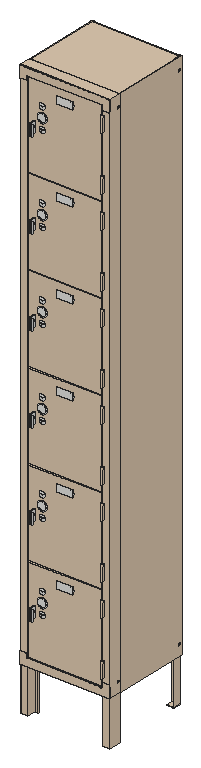
Revit family "Metal_Vented_Lockers-Salsbury_Industries-75000_76000_Series-1_Wide_Units", category Specialty Equipment, Revit 2016
Family settings
  Part Type = Normal
  Round Connector Dimension = Use Diameter
  OmniClass Number = 23.40.00.00
  OmniClass Title = Equipment and Furnishings
  Work Plane-Based = No
  Always vertical = Yes
  Cut with Voids When Loaded = No
  Shared = No
  Room Calculation Point = No
Parameters (values of type "76162 - with Standard 6" High Legs")
  Zee Base Corner - Right Side [instance] = Metal Locker Zee Base Corner : None
  Zee Base Corner - Left Side [instance] = Metal Locker Zee Base Corner : None
  Zee Base - Right Side [instance] = Metal Locker Zee Base-Right Side : None
  Zee Base - Left Side [instance] = Metal Locker Zee Base-Left Side : None
  Zee Base = Metal Locker Zee Base : None
  Width = 12.040"
  Version = "2.0 (01/30/18)"
  Vent Offset = if(Depth = 12.010", 3.250", if(Depth = 15.010", 3.500", if(Depth = 18.010", 3.750", 0.000")))  # 3.250"
  Vent Configuration Height = Vents : 6 foot high vents
  Vent Array Spacing = 1.187"
  Vent Array 2 = if(Depth = 12.010", 5, if(Depth = 15.010", 7, if(Depth = 18.010", 9, 0)))  # 5
  Vent Array 1 = Vent Array 2 + 1  # 6
  Unit Height including Sloping Hood Only [instance] = 78.625"
  Unit Height = 72.000"
  URL = "www.lockers.com"
  Type Comments = "12\" Wide Vented Metal Locker - Box Style Six Tier"
  Total Door(s) Height [instance] = 69.81949"
  Top Door = yes
  Top Compartment Divider = yes
  Sloping Top In-Line Filler - Right Side [instance] = Metal Locker Sloping Top Filler : None
  Sloping Top In-Line Filler - Left Side [instance] = Metal Locker Sloping Top Filler : None
  Sloping Top Corner Filler - Right Side [instance] = Metal Locker Sloping Corner Filler : None
  Sloping Top Corner Filler - Left Side [instance] = Metal Locker Sloping Corner Filler : None
  Sloping Hood Height = if(Depth = 12.010", 6.625", if(Depth = 15.010", 8.682", if(Depth = 18.010", 10.739", 0.000")))  # 6.625"
  Sloping Hood [instance] = Metal Locker Sloping Hood : None
  Right Side Base [instance] = Metal Locker Right Side Base : None
  Primary Structure Material [instance] = Steel - Salsbury Finish = Tan
  Overall Width including Rivets [instance] = 12.120"
  Unit Height including Base Only [instance] = 78.000"
  Overall Unit Height (including Base and Sloping Hood) [instance] = 84.625"
  OmniClass 23 Title = "Equipment and Furnishings"
  OmniClass 23 Number = "23.40.00.00"
  Model = "76162"
  MasterFormat Title = "Lockers"
  MasterFormat Number = "10 51 13"
  Manufacturer = "Salsbury Industries"
  Left Side Base [instance] = Metal Locker Left Side Base : None
  Individual Door Height = 11.534"
  Hasp Plate Rivet Material = Steel -Salsbury Finish =  Polished Steel
  Hasp Handle Material = Plastic - Salsbury Finish - Black
  Front Vertical Filler - Right [instance] = Metal Locker Front Filler : None
  Front Vertical Filler - Left [instance] = Metal Locker Front Filler : None
  Front Base [instance] = Metal Locker Front Base : None
  Flat Top In-Line Filler - Right Side [instance] = Metal Locker Flat Top Filler : None
  Flat Top In-Line Filler - Left Side [instance] = Metal Locker Flat Top Filler : None
  Flat Top Corner Filler - Right Side [instance] = Metal Locker Flat Corner Filler : None
  Flat Top Corner Filler - Left Side [instance] = Metal Locker Flat Corner Filler : None
  Individual Door Width [instance] = 9.90055"
  End Panel - Right Side [instance] = Metal Locker End Panel : None
  End Panel - Left Side [instance] = Metal Locker End Panel : None
  Door Location D1 = Vented Metal Locker Doors-12 inch with Latch Hasps : Six Tier Door - 6 foot
  Description = "1 Wide - 6 Feet High - 12 Inches Deep"
  Depth = 12.010"
  Compartment Divider Height = Individual Door Height - 0.375"  # 11.159"
  Base Height = 6.000"
  Standard Leg Base = Metal Locker Legs : 6" High - 12" W x 12" D
  Assembly Code = "C1030310"
Reference planes (in)
  plane 1 "Center (Front/Back)": y = 0
  plane 2: z = 0
  plane 3 "Center (Left/Right)": x = 0
  plane 4 "Floor": z = 0
  plane 5 "Bottom of Unit": z = 6
  plane 6 "Top of Unit": z = 78
  plane 7 "Left Side of Unit": x = -6.02
  plane 8 "Right Side of Unit": x = 6.02
  plane 9 "Back of Unit": y = 6.005
  plane 10 "Front of Unit": y = -6.005
  plane 11 "Top of Sloping Hood": z = 84.625
  plane 12 "Left Rivet": x = -6.06
  plane 13 "Right Rivet": x = 6.06
  plane 14 "Right Side of Door Opening": x = 5.02
  plane 15 "Left Side of Door Opening": x = -5.02
  plane 16 "Top of Door Opening": z = 77
  plane 17 "Bottom of Door Opening": z = 7
  plane 18 "Back Edge of Front Facing": y = -4.417
  plane 19 "Front Plate Plane": y = -6.065
  plane 20 "Horizontal Center of Top Rivets": z = 76.5
  plane 21 "Horiz Center of Bottom Rivets": z = 7.5
  plane 22 "Vertical Center of Back Rivets": y = 5.505
  plane 23 "Vertical Center of Front Rivets": y = -4.755
  plane 24 "Right Align Top Filler Overlap": x = 5.435
  plane 25 "Left Align Top Filler Overlap": x = -5.435
  plane 26 "Corner Filler Align-Left": x = -6.08
  plane 27 "Corner Filler Align-Right": x = 6.08
  plane 28 "Left Side of Door": x = -4.95029
  plane 29 "Right Side of Door": x = 4.95026
  plane 30 "Top of Door 1": z = 76.90976
  plane 31 "Bottom of Bottom Door": z = 7.09027
  plane 32 "Zee Base Offset": x = -5.669
  plane 33: x = 5.669
  plane 34 "Compartment Align 3": z = 19.159
  plane 35: x = -5.96
  plane 36: x = 5.96
  plane 37: x = -5.635
  plane 38: x = 5.635
  plane 39: y = 5.945
  plane 40: y = 5.895
  plane 41: y = 5.145
  plane 42: x = -5.9
  plane 43: x = 5.9
  plane 44: x = -5.095
  plane 45: x = 5.095
  plane 46: z = 77.94
  plane 47: z = 19.099
  plane 48: z = 18.159
  plane 49: z = 6.9204
  plane 50: z = 6.18539
  plane 51: z = 76.40796
  plane 52: z = 7.59204
  plane 53: z = 18.159
  plane 54: z = 18.62427
  plane 55: z = 18.74976
  plane 56: z = 30.28376
  plane 57: z = 30.40876
  plane 58: z = 29.78327
  plane 59: z = 30.72327
  plane 60 "Compartment Align 2": z = 30.78327
  plane 61: z = 53.72076
  plane 62: z = 41.94276
  plane 63: z = 42.06776
  plane 64: z = 41.44276
  plane 65: z = 42.38276
  plane 66 "Compartment Align 1": z = 42.44276
  plane 67: z = 71.20625
  plane 68: z = 53.60176
  plane 69: z = 53.72676
  plane 70: z = 65.26076
  plane 71: z = 65.38576
  plane 72: z = 53.10176
  plane 73: z = 54.04176
  plane 74: z = 54.10176
  plane 75: z = 64.76076
  plane 76: z = 65.70076
  plane 77: z = 65.76076
  plane 78: z = 82.86525
  plane 79: z = 94.52425
  plane 80 "Front Vent Align": y = -2.755
  plane 81: y = -2.385
  plane 82: y = -1.791
  plane 83 "Top Vent Align": z = 73.562
  plane 84: z = 72.81
  plane 85: z = 71.97
Forms (in)
  Sweep 1, solid, material "Steel - Salsbury Finish = Tan" <- "Primary Structure Material"
    path origin (0, -6.005, 0) x (1, 0, 0) y (0, 0, 1)
      loop
        line (-6.02, 78) -> (-6.02, 6) -> (6.02, 6) -> (6.02, 78) -> (-6.02, 78)
    profile origin (0, -6.005, 78) x (0, 0, 1) y (0, -1, 0)
      loop
        line (0, 0) -> (-1, 0) -> (-1, -1.588) -> (0, -1.588) -> (0, 0)
  Extrusion 2, solid, material "Steel - Salsbury Finish = Tan" <- "Primary Structure Material"
    sketch origin (0, 0, 6) x (0, -1, 0) y (1, 0, 0)
      loop
        line (4.417, 6.02) -> (-6.005, 6.02) -> (-6.005, 5.635) -> (-5.945, 5.635) -> (-5.945, 5.96) -> (4.417, 5.96) -> (4.417, 6.02)
    from 0 to 72
  Extrusion 3, solid, material "Steel - Salsbury Finish = Tan" <- "Primary Structure Material"
    sketch origin (0, 0, 6) x (0, -1, 0) y (1, 0, 0)
      loop
        line (4.417, -6.02) -> (4.417, -5.96) -> (-5.945, -5.96) -> (-5.945, -5.635) -> (-6.005, -5.635) -> (-6.005, -6.02) -> (4.417, -6.02)
    from 0 to 72
  Extrusion 4, solid, material "Steel - Salsbury Finish = Tan" <- "Primary Structure Material"
    sketch origin (0, 0, 6) x (0, -1, 0) y (1, 0, 0)
      loop
        line (-5.945, -5.96) -> (-5.145, -5.96) -> (-5.145, -5.9) -> (-5.895, -5.9) -> (-5.895, 5.9) -> (-5.145, 5.9) -> (-5.145, 5.96) -> (-5.945, 5.96) -> (-5.945, -5.96)
    from 0 to 72
  Sweep 5, solid, material "Steel - Salsbury Finish = Tan" <- "Primary Structure Material"
    path origin (0, 0, 7) x (0, -1, 0) y (1, 0, 0)
      loop
        line (4.417, -5.96) -> (4.417, 5.96) -> (-5.145, 5.96) -> (-5.145, 5.9) -> (-5.895, 5.9) -> (-5.895, -5.9) -> (-5.145, -5.9) -> (-5.145, -5.96) -> (4.417, -5.96)
    profile origin (-5.96, 0.364, 7) x (-1, 0, 0) y (0, 0, 1)
      loop
        line (0, -0.81461) -> (0, -0.0796) -> (-0.06, -0.0796) -> (-0.06, -0.81461) -> (0, -0.81461)
  Extrusion 6, solid, material "Steel - Salsbury Finish = Tan" <- "Primary Structure Material"
    sketch origin (0, 0, 7) x (0, -1, 0) y (1, 0, 0)
      loop
        line (-5.895, -5.9) -> (-5.145, -5.9) -> (-5.145, -5.96) -> (4.417, -5.96) -> (4.417, 5.96) -> (-5.145, 5.96) -> (-5.145, 5.9) -> (-5.895, 5.9) -> (-5.895, -5.9)
    from -0.0796 to 0
  Extrusion 7, solid, material "Steel - Salsbury Finish = Tan" <- "Primary Structure Material"
    sketch origin (0, 0, 78) x (0, -1, 0) y (1, 0, 0)
      loop
        line (-5.895, -5.9) -> (-5.145, -5.9) -> (-5.145, -5.96) -> (4.417, -5.96) -> (4.417, 5.96) -> (-5.145, 5.96) -> (-5.145, 5.9) -> (-5.895, 5.9) -> (-5.895, -5.9)
    from -0.06 to 0
  Extrusion 8, solid, material "Steel - Salsbury Finish = Tan" <- "Primary Structure Material"
    sketch origin (0, -6.065, 0) x (0, 0, -1) y (1, 0, 0)
      loop
        line (-78, -6.02) -> (-76.47656, -6.02)
        arc (-76.47656, -6.02) -> (-76.42806, -5.99991) -> (-76.40796, -5.9514) r 0.0686
        line (-76.40796, -5.9514) -> (-76.40796, -5.16351)
        arc (-76.40796, -5.16351) -> (-76.42809, -5.11506) -> (-76.47656, -5.095) r 0.0686
        line (-76.47656, -5.095) -> (-77, -5.095) -> (-77, 5.095) -> (-76.47656, 5.095)
        arc (-76.47656, 5.095) -> (-76.42809, 5.11506) -> (-76.40796, 5.16351) r 0.0686
        line (-76.40796, 5.16351) -> (-76.40796, 5.9514)
        arc (-76.40796, 5.9514) -> (-76.42806, 5.99991) -> (-76.47656, 6.02) r 0.0686
        line (-76.47656, 6.02) -> (-78, 6.02) -> (-78, -6.02)
    from -0.06 to 0
  Extrusion 9, solid, material "Steel - Salsbury Finish = Tan" <- "Primary Structure Material"
    sketch origin (0, -6.065, 84) x (0, 0, 1) y (-1, 0, 0)
      loop
        line (-78, 6.02) -> (-78, -6.02) -> (-76.47656, -6.02)
        arc (-76.47656, -6.02) -> (-76.42806, -5.99991) -> (-76.40796, -5.9514) r 0.0686
        line (-76.40796, -5.9514) -> (-76.40796, -5.16351)
        arc (-76.40796, -5.16351) -> (-76.42809, -5.11506) -> (-76.47656, -5.095) r 0.0686
        line (-76.47656, -5.095) -> (-77, -5.095) -> (-77, 5.095) -> (-76.47656, 5.095)
        arc (-76.47656, 5.095) -> (-76.42809, 5.11506) -> (-76.40796, 5.16351) r 0.0686
        line (-76.40796, 5.16351) -> (-76.40796, 5.9514)
        arc (-76.40796, 5.9514) -> (-76.42806, 5.99991) -> (-76.47656, 6.02) r 0.0686
        line (-76.47656, 6.02) -> (-78, 6.02)
    from -0.06 to 0
  Blend 10, solid, material "Steel -Salsbury Finish =  Polished Steel" <- "Hasp Plate Rivet Material"
    base sketch origin (6.02, 0, 0) x (0, 0, -1) y (0, -1, 0)
      loop
        circle (-76.5, 4.755) r 0.187
    top sketch origin (6.02, 0, 0) x (0, 0, -1) y (0, -1, 0)
      loop
        circle (-76.5, 4.755) r 0.05319
    from 0 to -0.04
  Blend 11, solid, material "Steel -Salsbury Finish =  Polished Steel" <- "Hasp Plate Rivet Material"
    base sketch origin (6.02, 0, -69) x (0, 0, -1) y (0, -1, 0)
      loop
        circle (-76.5, 4.755) r 0.187
    top sketch origin (6.02, 0, -69) x (0, 0, -1) y (0, -1, 0)
      loop
        circle (-76.5, 4.755) r 0.05319
    from 0 to -0.04
  Blend 12, solid, material "Steel -Salsbury Finish =  Polished Steel" <- "Hasp Plate Rivet Material"
    base sketch origin (6.02, 10.26, -69) x (0, 0, -1) y (0, -1, 0)
      loop
        circle (-76.5, 4.755) r 0.187
    top sketch origin (6.02, 10.26, -69) x (0, 0, -1) y (0, -1, 0)
      loop
        circle (-76.5, 4.755) r 0.05319
    from 0 to -0.04
  Blend 13, solid, material "Steel -Salsbury Finish =  Polished Steel" <- "Hasp Plate Rivet Material"
    base sketch origin (6.02, 10.26, 0.0043) x (0, 0, -1) y (0, -1, 0)
      loop
        circle (-76.5, 4.755) r 0.187
    top sketch origin (6.02, 10.26, 0.0043) x (0, 0, -1) y (0, -1, 0)
      loop
        circle (-76.5, 4.755) r 0.05319
    from 0 to -0.04
  Blend 14, solid, material "Steel -Salsbury Finish =  Polished Steel" <- "Hasp Plate Rivet Material"
    base sketch origin (-6.02, 0, -69) x (0, 0, -1) y (0, 1, 0)
      loop
        circle (-76.5, -4.755) r 0.187
    top sketch origin (-6.02, 0, -69) x (0, 0, -1) y (0, 1, 0)
      loop
        circle (-76.5, -4.755) r 0.05319
    from 0 to -0.04
  Blend 15, solid, material "Steel -Salsbury Finish =  Polished Steel" <- "Hasp Plate Rivet Material"
    base sketch origin (-6.02, 10.26, -69) x (0, 0, -1) y (0, 1, 0)
      loop
        circle (-76.5, -4.755) r 0.187
    top sketch origin (-6.02, 10.26, -69) x (0, 0, -1) y (0, 1, 0)
      loop
        circle (-76.5, -4.755) r 0.05319
    from 0 to -0.04
  Blend 16, solid, material "Steel -Salsbury Finish =  Polished Steel" <- "Hasp Plate Rivet Material"
    base sketch origin (-6.02, 0, 0) x (0, 0, -1) y (0, 1, 0)
      loop
        circle (-76.5, -4.755) r 0.187
    top sketch origin (-6.02, 0, 0) x (0, 0, -1) y (0, 1, 0)
      loop
        circle (-76.5, -4.755) r 0.05319
    from 0 to -0.04
  Blend 17, solid, material "Steel -Salsbury Finish =  Polished Steel" <- "Hasp Plate Rivet Material"
    base sketch origin (-6.02, 10.26, 0.00039) x (0, 0, -1) y (0, 1, 0)
      loop
        circle (-76.5, -4.755) r 0.187
    top sketch origin (-6.02, 10.26, 0.00039) x (0, 0, -1) y (0, 1, 0)
      loop
        circle (-76.5, -4.755) r 0.05319
    from 0 to -0.04
  Extrusion 18, solid, material "Steel - Salsbury Finish = Tan" <- "Primary Structure Material"
    sketch origin (0, 0, 19.159) x (0, -1, 0) y (1, 0, 0)
      loop
        line (-5.895, -5.9) -> (-5.145, -5.9) -> (-5.145, -5.96) -> (4.417, -5.96) -> (4.417, 5.96) -> (-5.145, 5.96) -> (-5.145, 5.9) -> (-5.895, 5.9) -> (-5.895, -5.9)
    from -0.06 to 0
  Sweep 19, solid, material "Steel - Salsbury Finish = Tan" <- "Primary Structure Material"
    path origin (0, 0, 19.159) x (0, -1, 0) y (1, 0, 0)
      loop
        line (4.417, -5.96) -> (4.417, 5.96) -> (-5.145, 5.96) -> (-5.145, 5.9) -> (-5.895, 5.9) -> (-5.895, -5.9) -> (-5.145, -5.9) -> (-5.145, -5.96) -> (4.417, -5.96)
    profile origin (-5.96, 0.364, 19.159) x (-1, 0, 0) y (0, 0, 1)
      loop
        line (0, -1) -> (0, -0.06) -> (-0.06, -0.06) -> (-0.06, -1) -> (0, -1)
  Extrusion 20, solid, material "Steel - Salsbury Finish = Tan" <- "Primary Structure Material"
    sketch origin (0, 0, 54.72076) x (0, -1, 0) y (1, 0, 0)
      loop
        line (-5.895, -5.9) -> (-5.145, -5.9) -> (-5.145, -5.96) -> (4.417, -5.96) -> (4.417, 5.96) -> (-5.145, 5.96) -> (-5.145, 5.9) -> (-5.895, 5.9) -> (-5.895, -5.9)
    from -23.99749 to -23.93749
  Sweep 21, solid, material "Steel - Salsbury Finish = Tan" <- "Primary Structure Material"
    path origin (0, 0, 30.78327) x (0, -1, 0) y (1, 0, 0)
      loop
        line (4.417, -5.96) -> (4.417, 5.96) -> (-5.145, 5.96) -> (-5.145, 5.9) -> (-5.895, 5.9) -> (-5.895, -5.9) -> (-5.145, -5.9) -> (-5.145, -5.96) -> (4.417, -5.96)
    profile origin (-5.96, 0.364, 30.78327) x (-1, 0, 0) y (0, 0, 1)
      loop
        line (0, -1) -> (0, -0.06) -> (-0.06, -0.06) -> (-0.06, -1) -> (0, -1)
  Extrusion 22, solid, material "Steel - Salsbury Finish = Tan" <- "Primary Structure Material"
    sketch origin (0, 0, 42.44276) x (0, -1, 0) y (1, 0, 0)
      loop
        line (-5.895, -5.9) -> (-5.145, -5.9) -> (-5.145, -5.96) -> (4.417, -5.96) -> (4.417, 5.96) -> (-5.145, 5.96) -> (-5.145, 5.9) -> (-5.895, 5.9) -> (-5.895, -5.9)
    from -0.06 to 0
  Sweep 23, solid, material "Steel - Salsbury Finish = Tan" <- "Primary Structure Material"
    path origin (0, 0, 42.44276) x (0, -1, 0) y (1, 0, 0)
      loop
        line (4.417, -5.96) -> (4.417, 5.96) -> (-5.145, 5.96) -> (-5.145, 5.9) -> (-5.895, 5.9) -> (-5.895, -5.9) -> (-5.145, -5.9) -> (-5.145, -5.96) -> (4.417, -5.96)
    profile origin (-5.96, 0.364, 42.44276) x (-1, 0, 0) y (0, 0, 1)
      loop
        line (0, -1) -> (0, -0.06) -> (-0.06, -0.06) -> (-0.06, -1) -> (0, -1)
  Extrusion 24, solid, material "Steel - Salsbury Finish = Tan" <- "Primary Structure Material"
    sketch origin (0, 0, 54.10176) x (0, -1, 0) y (1, 0, 0)
      loop
        line (-5.895, -5.9) -> (-5.145, -5.9) -> (-5.145, -5.96) -> (4.417, -5.96) -> (4.417, 5.96) -> (-5.145, 5.96) -> (-5.145, 5.9) -> (-5.895, 5.9) -> (-5.895, -5.9)
    from -0.06 to 0
  Sweep 25, solid, material "Steel - Salsbury Finish = Tan" <- "Primary Structure Material"
    path origin (0, 0, 54.10176) x (0, -1, 0) y (1, 0, 0)
      loop
        line (4.417, -5.96) -> (4.417, 5.96) -> (-5.145, 5.96) -> (-5.145, 5.9) -> (-5.895, 5.9) -> (-5.895, -5.9) -> (-5.145, -5.9) -> (-5.145, -5.96) -> (4.417, -5.96)
    profile origin (-5.96, 0.364, 54.10176) x (-1, 0, 0) y (0, 0, 1)
      loop
        line (0, -1) -> (0, -0.06) -> (-0.06, -0.06) -> (-0.06, -1) -> (0, -1)
  Extrusion 26, solid, material "Steel - Salsbury Finish = Tan" <- "Primary Structure Material", visible <- "Top Compartment Divider"
    sketch origin (0, 0, 65.76076) x (0, -1, 0) y (1, 0, 0)
      loop
        line (-5.895, -5.9) -> (-5.145, -5.9) -> (-5.145, -5.96) -> (4.417, -5.96) -> (4.417, 5.96) -> (-5.145, 5.96) -> (-5.145, 5.9) -> (-5.895, 5.9) -> (-5.895, -5.9)
    from -0.06 to 0
  Sweep 27, solid, material "Steel - Salsbury Finish = Tan" <- "Primary Structure Material", visible <- "Top Compartment Divider"
    path origin (0, 0, 65.76076) x (0, -1, 0) y (1, 0, 0)
      loop
        line (4.417, -5.96) -> (4.417, 5.96) -> (-5.145, 5.96) -> (-5.145, 5.9) -> (-5.895, 5.9) -> (-5.895, -5.9) -> (-5.145, -5.9) -> (-5.145, -5.96) -> (4.417, -5.96)
    profile origin (-5.96, 0.364, 65.76076) x (-1, 0, 0) y (0, 0, 1)
      loop
        line (0, -1) -> (0, -0.06) -> (-0.06, -0.06) -> (-0.06, -1) -> (0, -1)
Lines and regions (in)
  reference lines
    curve 1: line (-29.59242, -6.065, 78) -> (36.15758, -6.065, 78)
  symbolic lines
    curve 2: line (-6.02, 6.005, 78) -> (6.02, 6.005, 78)
    curve 3: line (-6.02, -6.065, 78) -> (-6.02, 6.005, 78)
    curve 4: line (6.02, -6.065, 78) -> (-6.02, -6.065, 78)
    curve 5: line (6.02, 6.005, 78) -> (6.02, -6.065, 78)
    curve 6: line (-6.06, -4.80819, 78) -> (-6.02, -4.91809, 78)
    curve 7: line (-6.02, -4.58043, 78) -> (-6.06, -4.70181, 78)
    curve 8: line (-6.06, -4.80819, 78) -> (-6.06, -4.70181, 78)
    curve 9: line (-6.06, 5.45181, 78) -> (-6.02, 5.31077, 78)
    curve 10: line (-6.06, 5.55819, 78) -> (-6.02, 5.68474, 78)
    curve 11: line (-6.06, 5.55819, 78) -> (-6.06, 5.45181, 78)
    curve 12: line (6.06, 5.55819, 78) -> (6.02, 5.70747, 78)
    curve 13: line (6.06, 5.45181, 78) -> (6.02, 5.3179, 78)
    curve 14: line (6.06, 5.55819, 78) -> (6.06, 5.45181, 78)
    curve 15: line (6.06, -4.70181, 78) -> (6.02, -4.57098, 78)
    curve 16: line (6.06, -4.80819, 78) -> (6.02, -4.94769, 78)
    curve 17: line (6.06, -4.70181, 78) -> (6.06, -4.80819, 78)
Dimensions and locks (in)
  equal spacing: plane 7 "Left Side of Unit", plane 3 "Center (Left/Right)", plane 8 "Right Side of Unit"
  "Width": plane 7 "Left Side of Unit" to plane 8 "Right Side of Unit"
  "Base Height": plane 5 "Bottom of Unit" to plane 4 "Floor"
  "Unit Height": plane 6 "Top of Unit" to plane 5 "Bottom of Unit"
  "Unit Height including Base Only": plane 6 "Top of Unit" to plane 4 "Floor"
  equal spacing: plane 10 "Front of Unit", plane 1 "Center (Front/Back)", plane 9 "Back of Unit"
  "Depth": plane 10 "Front of Unit" to plane 9 "Back of Unit"
  "Sloping Hood Height": plane 11 "Top of Sloping Hood" to plane 6 "Top of Unit"
  "Overall Unit Height (including Base and Sloping Hood)": plane 11 "Top of Sloping Hood" to plane 4 "Floor"
  locked: plane 12 "Left Rivet" to plane 7 "Left Side of Unit" at 0.04
  locked: plane 8 "Right Side of Unit" to plane 13 "Right Rivet" at 0.04
  "Overall Width including Rivets": plane 12 "Left Rivet" to plane 13 "Right Rivet"
  plane 6 "Top of Unit" to plane 16 "Top of Door Opening" to plane 30 "Top of Door 1" to plane 51 = 1.000" locked, 0.09024", 0.5018"
  plane 52 to plane 31 "Bottom of Bottom Door" to plane 17 "Bottom of Door Opening" to plane 5 "Bottom of Unit" = 0.50177", 0.09027", 1.000" locked
  plane 7 "Left Side of Unit" to plane 15 "Left Side of Door Opening" to plane 28 "Left Side of Door" = 1.000" locked, 0.06971"
  plane 29 "Right Side of Door" to plane 14 "Right Side of Door Opening" to plane 8 "Right Side of Unit" = 0.06974", 1.000" locked
  plane 19 "Front Plate Plane" to plane 10 "Front of Unit" to plane 18 "Back Edge of Front Facing" = 0.060" locked, 1.588" locked
  "Unit Height including Sloping Hood Only": plane 11 "Top of Sloping Hood" to plane 5 "Bottom of Unit"
  locked: plane 20 "Horizontal Center of Top Rivets" to plane 6 "Top of Unit" at 1.5
  locked: plane 5 "Bottom of Unit" to plane 21 "Horiz Center of Bottom Rivets" at 1.5
  locked: plane 22 "Vertical Center of Back Rivets" to plane 9 "Back of Unit" at 0.5
  locked: plane 10 "Front of Unit" to plane 23 "Vertical Center of Front Rivets" at 1.25
  locked: plane 24 "Right Align Top Filler Overlap" to plane 13 "Right Rivet" at 0.625
  locked: plane 12 "Left Rivet" to plane 25 "Left Align Top Filler Overlap" at 0.625
  locked: plane 8 "Right Side of Unit" to plane 27 "Corner Filler Align-Right" at 0.06
  locked: plane 26 "Corner Filler Align-Left" to plane 7 "Left Side of Unit" at 0.06
  "Individual Door Width": plane 28 "Left Side of Door" to plane 29 "Right Side of Door"
  "Total Door(s) Height": plane 30 "Top of Door 1" to plane 31 "Bottom of Bottom Door"
  plane 7 "Left Side of Unit" to plane 32 "Zee Base Offset" = 0.351"
  plane 33 to plane 8 "Right Side of Unit" = 0.351"
  plane 34 "Compartment Align 3" to plane 47 to plane 53 = 0.060" locked, 0.940" locked
  plane 7 "Left Side of Unit" to plane 35 to plane 42 to plane 37 = 0.060" locked, 0.060" locked, 0.265" locked
  plane 38 to plane 43 to plane 36 to plane 8 "Right Side of Unit" = 0.265" locked, 0.060", 0.060"
  plane 41 to plane 40 to plane 39 to plane 9 "Back of Unit" = 0.750" locked, 0.050", 0.060"
  locked: plane 7 "Left Side of Unit" to plane 44 at 0.925
  locked: plane 45 to plane 8 "Right Side of Unit" at 0.925
  locked: plane 6 "Top of Unit" to plane 46 at 0.06
  plane 47 to plane 48 = 0.940"
  locked: plane 17 "Bottom of Door Opening" to plane 49 at 0.0796
  plane 49 to plane 50 = 0.73501"
  "Compartment Divider Height": plane 53 to plane 17 "Bottom of Door Opening"
  "Individual Door Height": plane 54 to plane 31 "Bottom of Bottom Door"
  locked: plane 55 to plane 54 at 0.12549
  locked: plane 57 to plane 56 at 0.125
  "Individual Door Height": plane 56 to plane 55
  plane 60 "Compartment Align 2" to plane 59 to plane 58 = 0.060" locked, 0.940" locked
  locked: plane 63 to plane 62 at 0.125
  "Individual Door Height": plane 62 to plane 57
  "Compartment Divider Height": plane 58 to plane 54
  "Compartment Divider Height": plane 64 to plane 56
  plane 66 "Compartment Align 1" to plane 65 to plane 64 = 0.060", 0.940"
  locked: plane 69 to plane 68 at 0.125
  locked: plane 71 to plane 70 at 0.125
  "Individual Door Height": plane 68 to plane 63
  "Individual Door Height": plane 70 to plane 69
  "Compartment Divider Height": plane 72 to plane 62
  "Compartment Divider Height": plane 75 to plane 68
  plane 74 to plane 73 to plane 72 = 0.060" locked, 0.940" locked
  plane 77 to plane 76 to plane 75 = 0.060" locked, 0.940" locked
  "Vent Offset": plane 10 "Front of Unit" to plane 80 "Front Vent Align"
  plane 83 "Top Vent Align" to plane 6 "Top of Unit" = 4.438"
  plane 85 to plane 84 to plane 83 "Top Vent Align" = 0.840", 0.752"
  plane 80 "Front Vent Align" to plane 81 to plane 82 = 0.370" locked, 0.594" locked
  equal spacing: group 1, group 2, group 3, group 4, group 5, group 6  (x3)
  equal spacing: group 7, group 8, group 9, group 10, group 11  (x3)
  "Vent Array Spacing": nested 29 to nested 31
  "Vent Array Spacing": nested 30 to nested 36
  equal spacing: group 12, group 13, group 14, group 15, group 16, group 22  (x3)
  equal spacing: group 17, group 18, group 19, group 20, group 21  (x3)
  "Vent Array Spacing": nested 42 to nested 40
  "Vent Array Spacing": nested 46 to nested 41
  aligned and locked: level to plane 2
  aligned and locked: Extrusion 2 to plane 6 "Top of Unit"
  aligned and locked: Extrusion 3 to plane 6 "Top of Unit"
  aligned and locked: Extrusion 4 to plane 6 "Top of Unit"
  aligned and locked: Extrusion 8 to plane 10 "Front of Unit"
  aligned and locked: Extrusion 9 to plane 10 "Front of Unit"
  aligned and locked: Extrusion 6 to plane 17 "Bottom of Door Opening"
  aligned and locked: plane 4 "Floor" to nested 2
  aligned and locked: plane 5 "Bottom of Unit" to Extrusion 9
  aligned and locked: plane 8 "Right Side of Unit" to nested 6
  aligned and locked: plane 7 "Left Side of Unit" to nested 7
  aligned and locked: Blend 10 to plane 13 "Right Rivet"
  aligned and locked: plane 8 "Right Side of Unit" to Blend 10
  aligned and locked: Blend 15 to plane 7 "Left Side of Unit"
  aligned and locked: Blend 14 to plane 7 "Left Side of Unit"  (x2)
  aligned and locked: plane 12 "Left Rivet" to Blend 14
  aligned and locked: plane 12 "Left Rivet" to Blend 15
  aligned and locked: Blend 14 to plane 12 "Left Rivet"
  aligned and locked: Blend 17 to plane 7 "Left Side of Unit"
  aligned and locked: plane 12 "Left Rivet" to Blend 17
  aligned and locked: Blend 16 to plane 7 "Left Side of Unit"
  aligned and locked: plane 12 "Left Rivet" to Blend 16
  aligned and locked: plane 5 "Bottom of Unit" to nested 10
  aligned and locked: plane 13 "Right Rivet" to nested 10
  aligned and locked: plane 12 "Left Rivet" to nested 11
  aligned and locked: nested 11 to plane 10 "Front of Unit"
  aligned and locked: plane 13 "Right Rivet" to nested 12
  aligned and locked: plane 10 "Front of Unit" to nested 12
  aligned and locked: plane 6 "Top of Unit" to nested 12
  aligned and locked: plane 12 "Left Rivet" to nested 13
  aligned and locked: plane 10 "Front of Unit" to nested 13
  aligned and locked: plane 6 "Top of Unit" to nested 13
  aligned and locked: plane 6 "Top of Unit" to nested 14
  aligned and locked: nested 14 to plane 19 "Front Plate Plane"
  aligned and locked: nested 14 to plane 24 "Right Align Top Filler Overlap"
  aligned and locked: nested 15 to plane 25 "Left Align Top Filler Overlap"
  aligned and locked: nested 15 to plane 19 "Front Plate Plane"
  aligned and locked: nested 10 to nested 15
  aligned and locked: plane 19 "Front Plate Plane" to nested 16
  aligned and locked: plane 6 "Top of Unit" to nested 16
  aligned and locked: nested 17 to plane 6 "Top of Unit"
  aligned and locked: nested 17 to plane 19 "Front Plate Plane"
  aligned and locked: plane 19 "Front Plate Plane" to nested 18
  aligned and locked: nested 19 to plane 24 "Right Align Top Filler Overlap"
  aligned and locked: nested 19 to plane 19 "Front Plate Plane"
  aligned and locked: plane 16 "Top of Door Opening" to nested 19
  aligned and locked: nested 20 to plane 16 "Top of Door Opening"
  aligned and locked: nested 20 to plane 25 "Left Align Top Filler Overlap"
  aligned and locked: nested 20 to plane 19 "Front Plate Plane"
  aligned and locked: nested 11 to plane 6 "Top of Unit"
  aligned and locked: plane 10 "Front of Unit" to nested 10
  aligned and locked: plane 10 "Front of Unit" to nested 23
  aligned and locked: plane 10 "Front of Unit" to nested 1
  aligned and locked: plane 10 "Front of Unit" to nested 2
  aligned and locked: plane 6 "Top of Unit" to nested 18
  aligned and locked: plane 7 "Left Side of Unit" to nested 17
  aligned and locked: plane 32 "Zee Base Offset" to nested 9
  aligned and locked: plane 18 "Back Edge of Front Facing" to nested 9
  aligned and locked: nested 8 to plane 18 "Back Edge of Front Facing"
  aligned and locked: plane 33 to nested 8
  aligned and locked: plane 8 "Right Side of Unit" to nested 21
  aligned and locked: nested 22 to plane 7 "Left Side of Unit"
  aligned and locked: nested 22 to curve 1
  aligned and locked: nested 21 to curve 1
  aligned and locked: Sweep 19 sketch curve to Extrusion 18
  aligned and locked: plane 7 "Left Side of Unit" to Extrusion 3
  aligned and locked: Extrusion 3 to plane 9 "Back of Unit"
  aligned and locked: Extrusion 2 to plane 8 "Right Side of Unit"
  aligned and locked: Extrusion 2 to plane 9 "Back of Unit"
  aligned and locked: plane 18 "Back Edge of Front Facing" to Extrusion 3
  aligned and locked: plane 18 "Back Edge of Front Facing" to Extrusion 2
  aligned and locked: plane 35 to Extrusion 3
  aligned and locked: plane 36 to Extrusion 2
  aligned and locked: plane 37 to Extrusion 3
  aligned and locked: plane 38 to Extrusion 2
  aligned and locked: plane 39 to Extrusion 3
  aligned and locked: plane 39 to Extrusion 2
  aligned and locked: Extrusion 4 to plane 39
  aligned and locked: plane 40 to Extrusion 4
  aligned and locked: plane 35 to Extrusion 4
  aligned and locked: plane 41 to Extrusion 4  (x2)
  aligned and locked: plane 42 to Extrusion 4
  aligned and locked: plane 43 to Extrusion 4
  aligned and locked: Extrusion 7 to plane 40
  aligned and locked: plane 42 to Extrusion 7
  aligned and locked: plane 35 to Extrusion 7  (x2)
  aligned and locked: Extrusion 7 to plane 41  (x2)
  aligned and locked: Extrusion 7 to plane 43
  aligned and locked: Extrusion 7 to plane 36  (x2)
  aligned and locked: plane 18 "Back Edge of Front Facing" to Extrusion 7
  aligned and locked: plane 18 "Back Edge of Front Facing" to Extrusion 6
  aligned and locked: Extrusion 6 to plane 40
  aligned and locked: Extrusion 6 to plane 43
  aligned and locked: Extrusion 6 to plane 41  (x2)
  aligned and locked: Extrusion 6 to plane 36
  aligned and locked: plane 42 to Extrusion 6
  aligned and locked: plane 35 to Extrusion 6
  aligned and locked: Sweep 5 to plane 40
  aligned and locked: Sweep 5 to plane 41  (x2)
  aligned and locked: Sweep 5 to plane 43
  aligned and locked: Sweep 5 to plane 36
  aligned and locked: plane 18 "Back Edge of Front Facing" to Sweep 5
  aligned and locked: plane 35 to Sweep 5
  aligned and locked: plane 42 to Sweep 5
  aligned and locked: Sweep 5 sketch curve to plane 42
  aligned and locked: plane 40 to Sweep 5 sketch curve
  aligned and locked: plane 41 to Sweep 5 sketch curve  (x2)
  aligned and locked: Sweep 5 sketch curve to plane 35  (x2)
  aligned and locked: plane 43 to Sweep 5 sketch curve
  aligned and locked: plane 36 to Sweep 5 sketch curve
  aligned and locked: Sweep 5 sketch curve to plane 18 "Back Edge of Front Facing"
  aligned and locked: Extrusion 18 to plane 40
  aligned and locked: Extrusion 18 to plane 43
  aligned and locked: Extrusion 18 to plane 41  (x2)
  aligned and locked: Extrusion 18 to plane 36
  aligned and locked: plane 18 "Back Edge of Front Facing" to Extrusion 18
  aligned and locked: plane 35 to Extrusion 18
  aligned and locked: plane 42 to Extrusion 18
  aligned and locked: plane 40 to Sweep 19 sketch curve
  aligned and locked: plane 43 to Sweep 19 sketch curve
  aligned and locked: plane 41 to Sweep 19 sketch curve  (x2)
  aligned and locked: plane 36 to Sweep 19 sketch curve
  aligned and locked: Sweep 19 sketch curve to plane 18 "Back Edge of Front Facing"
  aligned and locked: Sweep 19 sketch curve to plane 35  (x2)
  aligned and locked: Sweep 19 sketch curve to plane 42
  aligned and locked: plane 6 "Top of Unit" to Sweep 1 sketch curve  (x2)
  aligned and locked: Sweep 1 sketch curve to plane 7 "Left Side of Unit"
  aligned and locked: plane 8 "Right Side of Unit" to Sweep 1 sketch curve
  aligned and locked: Sweep 1 sketch curve to plane 5 "Bottom of Unit"
  aligned and locked: plane 10 "Front of Unit" to Sweep 1
  aligned and locked: Extrusion 8 to plane 19 "Front Plate Plane"
  aligned and locked: plane 10 "Front of Unit" to Extrusion 8
  aligned and locked: Extrusion 8 to plane 8 "Right Side of Unit"
  aligned and locked: plane 7 "Left Side of Unit" to Extrusion 8
  aligned and locked: plane 7 "Left Side of Unit" to Extrusion 9
  aligned and locked: plane 19 "Front Plate Plane" to Extrusion 9
  aligned and locked: Extrusion 9 to plane 8 "Right Side of Unit"
  aligned and locked: plane 44 to Extrusion 9
  aligned and locked: plane 45 to Extrusion 9
  aligned and locked: plane 45 to Extrusion 8
  aligned and locked: Extrusion 8 to plane 44
  aligned and locked: plane 29 "Right Side of Door" to nested 23
  aligned and locked: plane 18 "Back Edge of Front Facing" to Sweep 1 sketch curve
  aligned and locked: Sweep 1 sketch curve to plane 16 "Top of Door Opening"
  aligned and locked: Sweep 1 sketch curve to plane 10 "Front of Unit"
  aligned and locked: plane 5 "Bottom of Unit" to Extrusion 4
  aligned and locked: Extrusion 4 to plane 36
  aligned and locked: plane 5 "Bottom of Unit" to Extrusion 3
  aligned and locked: plane 5 "Bottom of Unit" to Extrusion 2
  aligned and locked: Extrusion 7 to plane 6 "Top of Unit"
  aligned and locked: plane 46 to Extrusion 7
  aligned and locked: Extrusion 18 to plane 34 "Compartment Align 3"
  aligned and locked: plane 47 to Extrusion 18
  aligned and locked: plane 42 to Sweep 19 sketch curve
  aligned and locked: plane 48 to Sweep 19 sketch curve
  aligned and locked: plane 49 to Extrusion 6
  aligned and locked: Sweep 5 to plane 49
  aligned and locked: plane 50 to Sweep 5 sketch curve
  aligned and locked: plane 49 to Sweep 5 sketch curve
  aligned and locked: plane 42 to Sweep 5 sketch curve
  aligned and locked: plane 51 to Extrusion 8  (x2)
  aligned and locked: Extrusion 8 to plane 6 "Top of Unit"
  aligned and locked: plane 16 "Top of Door Opening" to Extrusion 8
  aligned and locked: Extrusion 9 to plane 17 "Bottom of Door Opening"
  aligned and locked: plane 52 to Extrusion 9
  aligned and locked: Extrusion 9 to plane 52
  aligned and locked: plane 4 "Floor" to nested 1
  aligned and locked: plane 8 "Right Side of Unit" to nested 1
  aligned and locked: Blend 12 to plane 13 "Right Rivet"
  aligned and locked: plane 8 "Right Side of Unit" to Blend 12
  aligned and locked: plane 8 "Right Side of Unit" to Blend 13
  aligned and locked: Blend 13 to plane 13 "Right Rivet"
  aligned and locked: plane 8 "Right Side of Unit" to Blend 11
  aligned and locked: Blend 11 to plane 13 "Right Rivet"
  aligned and locked: nested 22 to curve 3
  aligned and locked: curve 4 to Extrusion 8
  aligned and locked: curve 5 to Extrusion 8
  aligned and locked: curve 8 to Blend 14
  aligned and locked: curve 11 to Blend 15
  aligned and locked: curve 14 to Blend 12
  aligned and locked: curve 17 to Blend 10
  aligned and locked: plane 53 to Sweep 19
  aligned and locked: nested 23 to plane 31 "Bottom of Bottom Door"
  aligned and locked: plane 55 to nested 24
  aligned and locked: plane 10 "Front of Unit" to nested 24
  aligned and locked: plane 29 "Right Side of Door" to nested 24
  aligned and locked: plane 29 "Right Side of Door" to nested 25
  aligned and locked: nested 25 to plane 57
  aligned and locked: Sweep 21 sketch curve to Extrusion 20
  aligned and locked: Extrusion 20 to plane 60 "Compartment Align 2"
  aligned and locked: plane 59 to Sweep 21
  aligned and locked: Sweep 21 sketch curve to plane 58
  aligned and locked: Extrusion 20 sketch curve to plane 40
  aligned and locked: plane 35 to Extrusion 20 sketch curve
  aligned and locked: plane 42 to Extrusion 20 sketch curve
  aligned and locked: Extrusion 20 sketch curve to plane 41  (x2)
  aligned and locked: plane 18 "Back Edge of Front Facing" to Extrusion 20 sketch curve
  aligned and locked: Extrusion 20 sketch curve to plane 36
  aligned and locked: Extrusion 20 sketch curve to plane 43
  aligned and locked: plane 40 to Sweep 21 sketch curve
  aligned and locked: Sweep 21 sketch curve to plane 42
  aligned and locked: Sweep 21 sketch curve to plane 35
  aligned and locked: plane 41 to Sweep 21 sketch curve  (x2)
  aligned and locked: Sweep 21 sketch curve to plane 18 "Back Edge of Front Facing"
  aligned and locked: plane 36 to Sweep 21 sketch curve
  aligned and locked: plane 43 to Sweep 21 sketch curve
  aligned and locked: plane 63 to nested 26
  aligned and locked: plane 65 to Extrusion 22
  aligned and locked: Extrusion 22 to plane 66 "Compartment Align 1"
  aligned and locked: Sweep 23 sketch curve to plane 64
  aligned and locked: plane 65 to Sweep 23 sketch curve
  aligned and locked: Sweep 23 sketch curve to plane 35
  aligned and locked: plane 41 to Sweep 23 sketch curve  (x2)
  aligned and locked: Sweep 23 sketch curve to plane 42
  aligned and locked: plane 40 to Sweep 23 sketch curve
  aligned and locked: plane 43 to Sweep 23 sketch curve
  aligned and locked: plane 36 to Sweep 23 sketch curve
  aligned and locked: Sweep 23 sketch curve to plane 18 "Back Edge of Front Facing"
  aligned and locked: Extrusion 22 to nested 5  (x3)
  aligned and locked: Extrusion 22 to plane 41  (x2)
  aligned and locked: Extrusion 22 to Sweep 23  (x2)
  aligned and locked: plane 18 "Back Edge of Front Facing" to Extrusion 22
  aligned and locked: plane 29 "Right Side of Door" to nested 26
  aligned and locked: plane 10 "Front of Unit" to nested 26
  aligned and locked: plane 10 "Front of Unit" to nested 25
  aligned and locked: nested 27 to plane 69
  aligned and locked: nested 28 to plane 71
  aligned and locked: plane 29 "Right Side of Door" to nested 27
  aligned and locked: plane 29 "Right Side of Door" to nested 28
  aligned and locked: plane 10 "Front of Unit" to nested 28
  aligned and locked: plane 10 "Front of Unit" to nested 27
  aligned and locked: Extrusion 24 to Sweep 25  (x2)
  aligned and locked: Extrusion 26 to Sweep 27  (x3)
  aligned and locked: Extrusion 24 to plane 74
  aligned and locked: plane 73 to Extrusion 24
  aligned and locked: Extrusion 26 to plane 77
  aligned and locked: plane 76 to Extrusion 26
  aligned and locked: plane 76 to Sweep 27 sketch curve
  aligned and locked: Sweep 27 sketch curve to plane 75
  aligned and locked: plane 73 to Sweep 25 sketch curve
  aligned and locked: Sweep 25 sketch curve to plane 72
  aligned and locked: Extrusion 24 sketch curve to plane 40
  aligned and locked: plane 42 to Extrusion 24 sketch curve
  aligned and locked: Extrusion 24 sketch curve to plane 41  (x2)
  aligned and locked: plane 35 to Extrusion 24 sketch curve
  aligned and locked: plane 18 "Back Edge of Front Facing" to Extrusion 24 sketch curve
  aligned and locked: Extrusion 24 sketch curve to plane 36
  aligned and locked: Extrusion 24 sketch curve to plane 43
  aligned and locked: plane 40 to Sweep 25 sketch curve
  aligned and locked: Sweep 25 sketch curve to plane 35
  aligned and locked: plane 41 to Sweep 25 sketch curve  (x2)
  aligned and locked: Sweep 25 sketch curve to plane 42
  aligned and locked: Sweep 25 sketch curve to plane 18 "Back Edge of Front Facing"
  aligned and locked: plane 36 to Sweep 25 sketch curve
  aligned and locked: plane 43 to Sweep 25 sketch curve
  aligned and locked: Extrusion 26 sketch curve to plane 40
  aligned and locked: plane 42 to Extrusion 26 sketch curve
  aligned and locked: Extrusion 26 sketch curve to plane 41  (x2)
  aligned and locked: plane 35 to Extrusion 26 sketch curve
  aligned and locked: plane 18 "Back Edge of Front Facing" to Extrusion 26 sketch curve
  aligned and locked: Extrusion 26 sketch curve to plane 36
  aligned and locked: Extrusion 26 sketch curve to plane 43
  aligned and locked: plane 40 to Sweep 27 sketch curve
  aligned and locked: Sweep 27 sketch curve to plane 42
  aligned and locked: plane 41 to Sweep 27 sketch curve  (x2)
  aligned and locked: Sweep 27 sketch curve to plane 35
  aligned and locked: Sweep 27 sketch curve to plane 18 "Back Edge of Front Facing"
  aligned and locked: plane 36 to Sweep 27 sketch curve
  aligned and locked: plane 43 to Sweep 27 sketch curve
  aligned and locked: plane 9 "Back of Unit" to curve 2
  aligned and locked: nested 29 to plane 8 "Right Side of Unit"
  aligned and locked: nested 30 to plane 8 "Right Side of Unit"
  aligned and locked: nested 29 to plane 81
  aligned and locked: plane 85 to nested 29
  aligned and locked: nested 30 to plane 82
  aligned and locked: plane 84 to nested 30
  aligned and locked: nested 39 to plane 8 "Right Side of Unit"
  aligned and locked: nested 35 to plane 8 "Right Side of Unit"
  aligned and locked: plane 84 to nested 39
  aligned and locked: plane 85 to nested 35
  aligned and locked: nested 41 to plane 7 "Left Side of Unit"
  aligned and locked: nested 40 to plane 7 "Left Side of Unit"
  aligned and locked: plane 81 to nested 40
  aligned and locked: nested 40 to plane 85
  aligned and locked: plane 82 to nested 41
  aligned and locked: nested 41 to plane 84
  aligned and locked: nested 49 to plane 7 "Left Side of Unit"
  aligned and locked: nested 49 to plane 84
  aligned and locked: nested 50 to plane 85
Automatic sketch dimensions
  Extrusion 2 sketch curve to plane 8 "Right Side of Unit" = 0.000"
  plane 9 "Back of Unit" to Extrusion 2 sketch curve = 0.000"
  Extrusion 2 sketch curve to plane 38 = 0.000"
  plane 39 to Extrusion 2 sketch curve = 0.000"
  plane 18 "Back Edge of Front Facing" to Extrusion 2 sketch curve = 0.000"
  Extrusion 2 sketch curve to plane 36 = 0.000"
  Extrusion 3 sketch curve to plane 7 "Left Side of Unit" = 0.000"
  plane 9 "Back of Unit" to Extrusion 3 sketch curve = 0.000"
  Extrusion 3 sketch curve to plane 37 = 0.000"
  plane 39 to Extrusion 3 sketch curve = 0.000"
  plane 18 "Back Edge of Front Facing" to Extrusion 3 sketch curve = 0.000"
  Extrusion 3 sketch curve to plane 35 = 0.000"
  Extrusion 4 sketch curve to plane 35 = 0.000"
  plane 39 to Extrusion 4 sketch curve = 0.000"
  plane 40 to Extrusion 4 sketch curve = 0.000"
  plane 41 to Extrusion 4 sketch curve = 0.000"  (x2)
  Extrusion 4 sketch curve to plane 42 = 0.000"
  Extrusion 4 sketch curve to plane 43 = 0.000"
  Extrusion 4 sketch curve to plane 36 = 0.000"
  plane 40 to Extrusion 6 sketch curve = 0.000"
  Extrusion 6 sketch curve to plane 35 = 0.000"
  plane 41 to Extrusion 6 sketch curve = 0.000"  (x2)
  plane 18 "Back Edge of Front Facing" to Extrusion 6 sketch curve = 0.000"
  Extrusion 6 sketch curve to plane 42 = 0.000"
  Extrusion 6 sketch curve to plane 43 = 0.000"
  Extrusion 6 sketch curve to plane 36 = 0.000"
  plane 40 to Extrusion 7 sketch curve = 0.000"
  Extrusion 7 sketch curve to plane 35 = 0.000"
  plane 41 to Extrusion 7 sketch curve = 0.000"  (x2)
  plane 18 "Back Edge of Front Facing" to Extrusion 7 sketch curve = 0.000"
  Extrusion 7 sketch curve to plane 42 = 0.000"
  Extrusion 7 sketch curve to plane 43 = 0.000"
  Extrusion 7 sketch curve to plane 36 = 0.000"
  Extrusion 8 sketch curve to plane 6 "Top of Unit" = 0.000"
  Extrusion 8 sketch curve to plane 16 "Top of Door Opening" = 0.000"
  plane 44 to Extrusion 8 sketch curve = 0.000"
  plane 7 "Left Side of Unit" to Extrusion 8 sketch curve = 0.000"
  plane 45 to Extrusion 8 sketch curve = 0.000"
  plane 8 "Right Side of Unit" to Extrusion 8 sketch curve = 0.000"
  Extrusion 8 sketch curve to plane 51 = 0.000"  (x2)
  plane 20 "Horizontal Center of Top Rivets" to Extrusion 8 sketch curve = 0.02344"  (x4)
  Extrusion 8 sketch curve to Extrusion 8 sketch curve = 0.0686"
  Extrusion 8 sketch curve to plane 45 = 0.06851"
  Extrusion 9 sketch curve to plane 5 "Bottom of Unit" = 0.000"
  Extrusion 9 sketch curve to plane 17 "Bottom of Door Opening" = 0.000"
  plane 44 to Extrusion 9 sketch curve = 0.000"
  plane 7 "Left Side of Unit" to Extrusion 9 sketch curve = 0.000"
  plane 45 to Extrusion 9 sketch curve = 0.000"
  plane 8 "Right Side of Unit" to Extrusion 9 sketch curve = 0.000"
  Extrusion 9 sketch curve to plane 52 = 0.000"  (x2)
  plane 21 "Horiz Center of Bottom Rivets" to Extrusion 9 sketch curve = 0.02344"  (x4)
  Extrusion 9 sketch curve to Extrusion 9 sketch curve = 0.0686"
  plane 45 to Extrusion 9 sketch curve = 0.06851"
  plane 20 "Horizontal Center of Top Rivets" to Blend 10 sketch curve = 0.000"  (x2)
  Blend 10 sketch curve to plane 23 "Vertical Center of Front Rivets" = 0.000"  (x2)
  plane 21 "Horiz Center of Bottom Rivets" to Blend 11 sketch curve = 0.000"  (x2)
  Blend 11 sketch curve to plane 23 "Vertical Center of Front Rivets" = 0.000"  (x2)
  plane 21 "Horiz Center of Bottom Rivets" to Blend 12 sketch curve = 0.000"  (x2)
  Blend 12 sketch curve to plane 22 "Vertical Center of Back Rivets" = 0.000"  (x2)
  Blend 13 sketch curve to plane 22 "Vertical Center of Back Rivets" = 0.000"  (x2)
  Blend 13 sketch curve to plane 20 "Horizontal Center of Top Rivets" = 0.0043"  (x2)
  plane 21 "Horiz Center of Bottom Rivets" to Blend 14 sketch curve = 0.000"  (x2)
  Blend 14 sketch curve to plane 23 "Vertical Center of Front Rivets" = 0.000"  (x2)
  plane 21 "Horiz Center of Bottom Rivets" to Blend 15 sketch curve = 0.000"  (x2)
  Blend 15 sketch curve to plane 22 "Vertical Center of Back Rivets" = 0.000"  (x2)
  plane 20 "Horizontal Center of Top Rivets" to Blend 16 sketch curve = 0.000"  (x2)
  Blend 16 sketch curve to plane 23 "Vertical Center of Front Rivets" = 0.000"  (x2)
  Blend 17 sketch curve to plane 22 "Vertical Center of Back Rivets" = 0.000"  (x2)
  Blend 17 sketch curve to plane 20 "Horizontal Center of Top Rivets" = 0.00039"  (x2)
  plane 19 "Front Plate Plane" to curve 1 = 0.000"
  plane 26 "Corner Filler Align-Left" to curve 1 = 23.51242"
  curve 1 to plane 27 "Corner Filler Align-Right" = 30.07758"
  plane 40 to Extrusion 18 sketch curve = 0.000"
  Extrusion 18 sketch curve to plane 35 = 0.000"
  plane 41 to Extrusion 18 sketch curve = 0.000"  (x2)
  plane 18 "Back Edge of Front Facing" to Extrusion 18 sketch curve = 0.000"
  Extrusion 18 sketch curve to plane 42 = 0.000"
  Extrusion 18 sketch curve to plane 43 = 0.000"
  Extrusion 18 sketch curve to plane 36 = 0.000"
  Sweep 21 sketch curve to profile plane = 0.000"
  Sweep 21 sketch curve to Sweep 21 sketch curve = 0.060"
  plane 40 to Extrusion 22 sketch curve = 0.000"
  Extrusion 22 sketch curve to plane 35 = 0.000"
  plane 41 to Extrusion 22 sketch curve = 0.000"  (x2)
  plane 18 "Back Edge of Front Facing" to Extrusion 22 sketch curve = 0.000"
  Extrusion 22 sketch curve to plane 42 = 0.000"
  Extrusion 22 sketch curve to plane 43 = 0.000"
  Extrusion 22 sketch curve to plane 36 = 0.000"
  Sweep 23 sketch curve to profile plane = 0.000"
  Sweep 23 sketch curve to Sweep 23 sketch curve = 0.060"
  Sweep 25 sketch curve to profile plane = 0.000"
  Sweep 25 sketch curve to Sweep 25 sketch curve = 0.060"
  Sweep 27 sketch curve to profile plane = 0.000"
  Sweep 27 sketch curve to Sweep 27 sketch curve = 0.060"
  curve 11 to plane 22 "Vertical Center of Back Rivets" = 0.05319"
  curve 14 to plane 22 "Vertical Center of Back Rivets" = 0.05319"
  plane 22 "Vertical Center of Back Rivets" to curve 9 = 0.05319"
  plane 22 "Vertical Center of Back Rivets" to curve 13 = 0.05319"
  curve 17 to plane 23 "Vertical Center of Front Rivets" = 0.05319"
  curve 8 to plane 23 "Vertical Center of Front Rivets" = 0.05319"
  plane 23 "Vertical Center of Front Rivets" to curve 8 = 0.05319"
  plane 23 "Vertical Center of Front Rivets" to curve 17 = 0.05319"
  curve 12 to curve 12 = 0.14928"
  curve 10 to curve 10 = 0.12655"
  curve 13 to curve 13 = 0.13391"
  curve 9 to curve 9 = 0.14104"
  curve 15 to curve 15 = 0.13083"
  curve 7 to curve 7 = 0.12138"
  curve 6 to curve 6 = 0.1099"
  curve 16 to curve 16 = 0.1395"
  radius of Blend 10 sketch curve = 0.187"
  radius of Blend 10 sketch curve = 0.05319"
  radius of Blend 11 sketch curve = 0.187"
  radius of Blend 11 sketch curve = 0.05319"
  radius of Blend 12 sketch curve = 0.187"
  radius of Blend 12 sketch curve = 0.05319"
  radius of Blend 13 sketch curve = 0.187"
  radius of Blend 13 sketch curve = 0.05319"
  radius of Blend 14 sketch curve = 0.187"
  radius of Blend 14 sketch curve = 0.05319"
  radius of Blend 15 sketch curve = 0.187"
  radius of Blend 15 sketch curve = 0.05319"
  radius of Blend 16 sketch curve = 0.187"
  radius of Blend 16 sketch curve = 0.05319"
  radius of Blend 17 sketch curve = 0.187"
  radius of Blend 17 sketch curve = 0.05319"
Nested families (in)
  nested 1: "Metal Locker Legs" at (0, 0, 0), type <- "Standard Leg Base", type "6" High - 12" W x 12" D"
  nested 2: "Metal Locker Front Base" at (0, 0, 0), type <- "Front Base", type "None"
  nested 3: "Metal Locker Right Side Base" at (0, 0.794, 0), type <- "Right Side Base", type "None"
  nested 4: "Metal Locker Left Side Base" at (-10.79, 0.794, 0), type <- "Left Side Base", type "None"
  nested 5: "Metal Locker Zee Base" at (0, 0, 0), type <- "Zee Base", type "None"
  nested 6: "Metal Locker Zee Base-Right Side" at (0.03, 0.824, 0), type <- "Zee Base - Right Side", type "None"
  nested 7: "Metal Locker Zee Base-Left Side" at (-8.01, 0.824, 0), type <- "Zee Base - Left Side", type "None"
  nested 8: "Metal Locker Zee Base Corner" at (6.669, -5.417, 0), type <- "Zee Base Corner - Right Side", type "None"
  nested 9: "Metal Locker Zee Base Corner" at (-6.669, -5.417, 0) x (-1, 0, 0) z (0, 0, 1), type <- "Zee Base Corner - Left Side", type "None"
  nested 10: "Metal Locker End Panel" at (10.1925, 2.167, 6), type <- "End Panel - Right Side", type "None"
  nested 11: "Metal Locker End Panel" at (-10.1925, 2.167, 6) x (-1, 0, 0) z (0, 0, 1), type <- "End Panel - Left Side", type "None"
  nested 12: "Metal Locker Front Filler" at (18.155, -3.088, 0), type <- "Front Vertical Filler - Right", type "None"
  nested 13: "Metal Locker Front Filler" at (-8.965, -3.088, 0), type <- "Front Vertical Filler - Left", type "None"
  nested 14: "Metal Locker Flat Top Filler" at (18.155, 2.113, 77.045), type <- "Flat Top In-Line Filler - Right Side", type "None"
  nested 15: "Metal Locker Flat Top Filler" at (-8.965, 2.113, 77.045), type <- "Flat Top In-Line Filler - Left Side", type "None"
  nested 16: "Metal Locker Flat Corner Filler" at (16.3025, 1.7895, 78), type <- "Flat Top Corner Filler - Right Side", type "None"
  nested 17: "Metal Locker Flat Corner Filler" at (-16.3025, 1.7895, 78) x (-1, 0, 0) z (0, 0, 1), type <- "Flat Top Corner Filler - Left Side", type "None"
  nested 18: "Metal Locker Sloping Hood" at (4.595, 2.137, 78), type <- "Sloping Hood", type "None"
  nested 19: "Metal Locker Sloping Top Filler" at (18.155, 2.113, 78.028), type <- "Sloping Top In-Line Filler - Right Side", type "None"
  nested 20: "Metal Locker Sloping Top Filler" at (-8.965, 2.113, 78.028), type <- "Sloping Top In-Line Filler - Left Side", type "None"
  nested 21: "Metal Locker Sloping Corner Filler" at (13.9095, -4.9375, 77.71202) x (0, -1, 0) z (0, 0, 1), type <- "Sloping Top Corner Filler - Right Side", type "None"
  nested 22: "Metal Locker Sloping Corner Filler" at (-7.1475, 1.8245, 77.71223), type <- "Sloping Top Corner Filler - Left Side", type "None"
  nested 23: "Vented Metal Locker Doors-12 inch with Latch Hasps" at (-0.00024, -5.555, 7.09027), type <- "Door Location D1", type "Six Tier Door - 6 foot"
  nested 24: "Vented Metal Locker Doors-12 inch with Latch Hasps" at (-0.00024, -5.555, 18.74976), type <- "Door Location D1", type "Six Tier Door - 6 foot"
  nested 25: "Vented Metal Locker Doors-12 inch with Latch Hasps" at (-0.00024, -5.555, 30.40876), type <- "Door Location D1", type "Six Tier Door - 6 foot"
  nested 26: "Vented Metal Locker Doors-12 inch with Latch Hasps" at (-0.00024, -5.555, 42.06776), type <- "Door Location D1", type "Six Tier Door - 6 foot"
  nested 27: "Vented Metal Locker Doors-12 inch with Latch Hasps" at (-0.00024, -5.555, 53.72676), type <- "Door Location D1", type "Six Tier Door - 6 foot"
  nested 28: "Vented Metal Locker Doors-12 inch with Latch Hasps" at (-0.00024, -5.555, 65.38576), type <- "Door Location D1", visible <- "Top Door", type "Six Tier Door - 6 foot"
  nested 29: "Vents" at (6.02, -2.385, 4.96051) x (0, 1, 0) z (0, 0, 1), type <- "Vent Configuration Height", type "6 foot high vents"
  nested 30: "Vents" at (6.02, -1.791, 5.80051) x (0, 1, 0) z (0, 0, 1), type <- "Vent Configuration Height", type "6 foot high vents"
  nested 31: "Vents" at (6.02, -1.198, 4.96051) x (0, 1, 0) z (0, 0, 1), type <- "Vent Configuration Height", type "6 foot high vents"
  nested 32: "Vents" at (6.02, -0.011, 4.96051) x (0, 1, 0) z (0, 0, 1), type <- "Vent Configuration Height", type "6 foot high vents"
  nested 33: "Vents" at (6.02, 1.176, 4.96051) x (0, 1, 0) z (0, 0, 1), type <- "Vent Configuration Height", type "6 foot high vents"
  nested 34: "Vents" at (6.02, 2.363, 4.96051) x (0, 1, 0) z (0, 0, 1), type <- "Vent Configuration Height", type "6 foot high vents"
  nested 35: "Vents" at (6.02, 3.55, 4.96051) x (0, 1, 0) z (0, 0, 1), type <- "Vent Configuration Height", type "6 foot high vents"
  nested 36: "Vents" at (6.02, -0.604, 5.80051) x (0, 1, 0) z (0, 0, 1), type <- "Vent Configuration Height", type "6 foot high vents"
  nested 37: "Vents" at (6.02, 0.583, 5.80051) x (0, 1, 0) z (0, 0, 1), type <- "Vent Configuration Height", type "6 foot high vents"
  nested 38: "Vents" at (6.02, 1.77, 5.80051) x (0, 1, 0) z (0, 0, 1), type <- "Vent Configuration Height", type "6 foot high vents"
  nested 39: "Vents" at (6.02, 2.957, 5.80051) x (0, 1, 0) z (0, 0, 1), type <- "Vent Configuration Height", type "6 foot high vents"
  nested 40: "Vents" at (-6.02, -2.385, 4.96051) x (0, 1, 0) z (0, 0, 1), type <- "Vent Configuration Height", type "6 foot high vents"
  nested 41: "Vents" at (-6.02, -1.791, 5.80051) x (0, 1, 0) z (0, 0, 1), type <- "Vent Configuration Height", type "6 foot high vents"
  nested 42: "Vents" at (-6.02, -1.198, 4.96051) x (0, 1, 0) z (0, 0, 1), type <- "Vent Configuration Height", type "6 foot high vents"
  nested 43: "Vents" at (-6.02, -0.011, 4.96051) x (0, 1, 0) z (0, 0, 1), type <- "Vent Configuration Height", type "6 foot high vents"
  nested 44: "Vents" at (-6.02, 1.176, 4.96051) x (0, 1, 0) z (0, 0, 1), type <- "Vent Configuration Height", type "6 foot high vents"
  nested 45: "Vents" at (-6.02, 2.363, 4.96051) x (0, 1, 0) z (0, 0, 1), type <- "Vent Configuration Height", type "6 foot high vents"
  nested 46: "Vents" at (-6.02, -0.604, 5.80051) x (0, 1, 0) z (0, 0, 1), type <- "Vent Configuration Height", type "6 foot high vents"
  nested 47: "Vents" at (-6.02, 0.583, 5.80051) x (0, 1, 0) z (0, 0, 1), type <- "Vent Configuration Height", type "6 foot high vents"
  nested 48: "Vents" at (-6.02, 1.77, 5.80051) x (0, 1, 0) z (0, 0, 1), type <- "Vent Configuration Height", type "6 foot high vents"
  nested 49: "Vents" at (-6.02, 2.957, 5.80051) x (0, 1, 0) z (0, 0, 1), type <- "Vent Configuration Height", type "6 foot high vents"
  nested 50: "Vents" at (-6.02, 3.55, 4.96051) x (0, 1, 0) z (0, 0, 1), type <- "Vent Configuration Height", type "6 foot high vents"
Definition of nested family "Metal Locker Legs"
  Parameters (values of type "6" High - 12"W x 18"D - Bridge")
    Width = 12.007"
    Visible = yes
    Version = "1.0 (11/30/15)"
    Type Comments = "Standard Metal Locker Legs - Bridge"
    Primary Structure Material = none
    Model = "n/a"
    MasterFormat Title = ""
    MasterFormat Number = ""
    Manufacturer = "Salsbury Industries"
    Description = "12\"W x 6\" H x 18\"D"
    Depth = 18.010"
    Height = 6.000"
    Assembly Code = ""
  Types (7): name | Width | Visible | Type Comments | Description | Depth
    6" High - 12" W x 12" D | 12.040" | yes | "Standard Metal Locker Legs" | "12\"W x 6\" H x 12\"D" | 12.010"
    6" High - 12" W x 15" D | 12.040" | yes | "Standard Metal Locker Legs" | "12\"W x 6\" H x 15\"D" | 15.010"
    6" High - 12"W x 18"D | 12.040" | yes | "Standard Metal Locker Legs" | "12\"W x 6\" H x 18\"D" | 18.010"
    6" High - 15"W x 15"D | 15.040" | yes | "Standard Metal Locker Legs" | "15\"W x 6\" H x 15\"D" | 15.010"
    6" High - 15"W x 18"D | 15.040" | yes | "Standard Metal Locker Legs" | "15\"W x 6\" H x 18\"D" | 18.010"
    No Legs | 12.040" | no | "No Legs" | "" | 12.010"
    6" High - 12"W x 18"D - Bridge | 12.007" | yes | "Standard Metal Locker Legs - Bridge" | "12\"W x 6\" H x 18\"D" | 18.010"
  Reference planes (in)
    plane 1 "Center (Front/Back)": y = 0
    plane 2: z = 0
    plane 3 "Center (Left/Right)": x = 0
    plane 4 "Floor": z = 0
    plane 5 "Bottom of Unit": z = 6
    plane 6 "Left Side of Unit": x = -6.0035
    plane 7 "Right Side of Unit": x = 6.0035
    plane 8 "Back of Unit": y = 9.005
    plane 9 "Front of Unit": y = -9.005
    plane 10 "Right Side of Door Opening": x = 5.0035
    plane 11 "Left Side of Door Opening": x = -5.0035
    plane 12 "Top of back legs": z = 6.185
    plane 13 "Back Edge of Front Facing": y = -7.417
    plane 14 "Inside Edge of Front Leg": x = -4.5635
    plane 15 "Inside Edge of Right Leg": x = 4.5635
    plane 16: y = -7.82
    plane 17 "Back Edge of Rear Legs": y = 8.895
    plane 18 "Right Edge of Rear Right Leg": x = 5.8835
    plane 19 "Left Edge or Rear Left Leg": x = -5.8835
    plane 20: y = 7.895
    plane 21 "Inside Edge or Rear Right Leg": x = 4.8835
    plane 22 "Inside Edge or Left Rear Leg": x = -4.8835
  Forms (in)
    Extrusion 1, solid, material <- "Primary Structure Material", visible <- "Visible"
      sketch origin (0, 0, 0) x (0, -1, 0) y (1, 0, 0)
        loop
          line (7.417, 6.0035) -> (7.417, 5.9435) -> (8.945, 5.9435) -> (8.945, 5.0635) -> (7.76, 5.0635) -> (7.76, 4.5635) -> (7.82, 4.5635) -> (7.82, 5.0035) -> (9.005, 5.0035) -> (9.005, 6.0035) -> (7.417, 6.0035)
      from 0 to 6
    Extrusion 2, solid, material <- "Primary Structure Material", visible <- "Visible"
      sketch origin (0, 0, 0) x (0, -1, 0) y (1, 0, 0)
        loop
          line (7.417, -6.0035) -> (9.005, -6.0035) -> (9.005, -5.0035) -> (7.82, -5.0035) -> (7.82, -4.5635) -> (7.76, -4.5635) -> (7.76, -5.0635) -> (8.945, -5.0635) -> (8.945, -5.9435) -> (7.417, -5.9435) -> (7.417, -6.0035)
      from 0 to 6
    Extrusion 3, solid, material <- "Primary Structure Material", visible <- "Visible"
      sketch origin (0, 0, 0) x (0, -1, 0) y (1, 0, 0)
        loop
          line (-8.895, 5.8835) -> (-8.895, 4.8835) -> (-8.835, 4.8835) -> (-8.835, 5.8235) -> (-7.895, 5.8235) -> (-7.895, 5.8835) -> (-8.895, 5.8835)
      from 0.06 to 6.185
